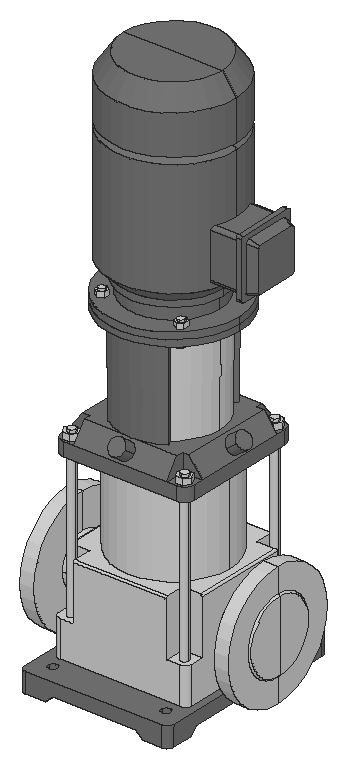
Revit family "TESK_Насос вертикальный_SVM(T)-32", category Оборудование, Revit 2019
Family settings
  Размер круглого соединителя = Использовать диаметр
  Классификация = Насос
  Тип детали = Вставляется
  На основе рабочей плоскости = Нет
  Всегда вертикально = Да
  При загрузке вырезать с полостями = Нет
  Общий = Нет
  Точка расчета площади = Нет
Parameters (values of type "Загрузите каталог типоразмеров TXT")
  Толщина_ФланцаДвигателя = Двигатель_Высота * 0.03  # 9.99 mm
  Таблица_Поиска = "TESK_SVM(T)-32"  # constant formula
  Производитель_Контакты = "info@teskpump.ru"
  Напор максимальный = 0
  Материал_КорпусУлитка = TESK_Нержавеющая сталь
  Материал_КорпусДвигателя = TESK_Черный_Ребра_Условный
  Материал_2 = TESK_Нержавеющая сталь
  Материал_1 = TESK_Черный_Условный
  Высота_Башня = size_lookup(Таблица_Поиска, "A5", 180 mm, ADSK_Марка)  # 180 mm
  Высота_Корпуса = size_lookup(Таблица_Поиска, "A1", 505 mm, ADSK_Марка)  # 505 mm
  Watermark [instance] = "Модели защищены уникальным кодом"
  URL = "www.teskpump.ru"
  D_Башня = Двигатель_Ширина * 0.75  # 142.5 mm
  ADSK_Свободный напор жидкости [instance] = 0.0 Pa
  ADSK_Расход жидкости [instance] = 0.0 L/s
  ADSK_Полная мощность = ADSK_Номинальная мощность * ADSK_Коэффициент мощности  # 0 kVA
  ADSK_Номинальная мощность = size_lookup(Таблица_Поиска, "Pow", 0 kW, ADSK_Марка)  # 0 kW
  ADSK_Напряжение = 400 V
  ADSK_Наименование краткое = "Вертикальный многоступенчатый центробежный насос"  # constant formula
  ADSK_Наименование = size_lookup(Таблица_Поиска, "Name", "Не найдено: Насос TESK SVM(T)-32", ADSK_Марка)  # "Не найдено: Насос TESK SVM(T)-32"
  ADSK_Масса_Текст = size_lookup(Таблица_Поиска, "mass_t", "Не найдено: Насос TESK SVM(T)-32", ADSK_Марка)  # "Не найдено: Насос TESK SVM(T)-32"
  ADSK_Масса = size_lookup(Таблица_Поиска, "mass", 0, ADSK_Марка)  # 0
  ADSK_Марка = "Загрузите каталог типоразмеров TXT"
  ADSK_Коэффициент мощности = 1
  ADSK_Количество фаз числовое = ADSK_Количество фаз  # 3
  ADSK_Количество фаз = if(ADSK_Напряжение = 230 V, 1, 3)  # 3
  ADSK_Количество = 1  # constant formula
  ADSK_Код изделия = size_lookup(Таблица_Поиска, "code", "Не найдено: Насос TESK SVM(T)-32", ADSK_Марка)  # "Не найдено: Насос TESK SVM(T)-32"
  ADSK_Классификация нагрузок = Прочее
  ADSK_Завод-изготовитель = "TESK"  # constant formula
  ADSK_Единица измерения = "шт."  # constant formula
  ADSK_Диаметр условный = 65 mm  # constant formula
  ADSK_Версия семейства = "1.0"  # constant formula
  ADSK_Версия Revit = "2019"  # constant formula
  Фланец_Толщина = 24 mm  # constant formula
  УГО_Длина = 320 mm  # constant formula
  Двигатель_Ширина = size_lookup(Таблица_Поиска, "A3", 190 mm, ADSK_Марка)  # 190 mm
  Двигатель_ОтступКоробки = size_lookup(Таблица_Поиска, "A4", 155 mm, ADSK_Марка)  # 155 mm
  Двигатель_Высота = size_lookup(Таблица_Поиска, "A2", 333 mm, ADSK_Марка)  # 333 mm
Reference planes
  plane 1 "По центру (Вперед/Назад)": y = 0
  plane 2: z = 0
  plane 3 "По центру (Влево/Вправо)": x = 0
  plane 4: x = -160
  plane 5: x = 160
  plane 6: x = -136
  plane 7: x = 136
  plane 8: z = -105
  plane 9: z = 400
  plane 10: z = 220
  plane 11: z = 200
  plane 12: x = -100
  plane 13: y = 100
  plane 14: x = 100
  plane 15: y = -100
  plane 16: x = -85
  plane 17: x = 85
  plane 18: y = -85
  plane 19: y = 85
  plane 20: z = 232
  plane 21: z = -75
  plane 22: x = -112.5
  plane 23: x = 112.5
  plane 24: y = -149
  plane 25: y = 149
  plane 26: z = -95
  plane 27: x = -73
  plane 28: x = 73
  plane 29: y = -149
  plane 30: y = 149
  plane 31: x = -112.5
  plane 32: x = 112.5
  plane 33: y = -108
  plane 34: y = 108
  plane 35: z = -95
  plane 36: x = -85
  plane 37: x = 85
  plane 38: y = -120
  plane 39: y = 120
  plane 40: z = 65
  plane 41: x = -100
  plane 42: x = 100
  plane 43: y = -100
  plane 44: y = 100
  plane 45: x = -97
  plane 46: z = 62
  plane 47: x = -100
  plane 48: x = -100
  plane 49: x = 100
  plane 50: y = -100
  plane 51: y = 100
  plane 52: x = -70
  plane 53: x = 70
  plane 54: y = -70
  plane 55: y = 70
  plane 56: z = -20
  plane 57: x = -85
  plane 58: x = 85
  plane 59: y = -85
  plane 60: y = 85
  plane 61: x = -100
  plane 62: x = 100
  plane 63: y = -100
  plane 64: y = 100
  plane 65: x = -80
  plane 66: x = 80
  plane 67: y = -80
  plane 68: y = 80
  plane 69: z = 247
  plane 70: z = 390.01
  plane 71: x = -70
  plane 72: x = -71.25
  plane 73: x = 71.25
  plane 74: x = -80
  plane 75: x = -81.25
  plane 76: x = 70
  plane 77: x = 71.25
  plane 78: x = -71.25
  plane 79: x = 80
  plane 80: x = 81.25
Forms (mm)
  Extrusion 1, solid, material "TESK_Нержавеющая сталь" <- "Материал_КорпусУлитка", detail levels fine
    sketch origin (0, 0, 0) x (0, 1, 0) y (0, 0, 1)
      loop
        circle (0, 0) r 40
    from -136 to 136
  Extrusion 2, solid, material "TESK_Черный_Условный" <- "Материал_1", detail levels fine
    sketch origin (0, 0, 0) x (1, 0, 0) y (0, 1, 0)
      loop
        line (-100, 85) -> (-100, -85)
        arc (-100, -85) -> (-95.607, -95.607) -> (-85, -100) r 15
        line (-85, -100) -> (85, -100)
        arc (85, -100) -> (95.607, -95.607) -> (100, -85) r 15
        line (100, -85) -> (100, 85)
        arc (100, 85) -> (95.607, 95.607) -> (85, 100) r 15
        line (85, 100) -> (-85, 100)
        arc (-85, 100) -> (-95.607, 95.607) -> (-100, 85) r 15
    from 200 to 220
  Extrusion 3, solid, material "TESK_Нержавеющая сталь" <- "Материал_2", detail levels fine
    sketch origin (0, 0, 0) x (1, 0, 0) y (0, 1, 0)
      loop
        circle (-85, 85) r 6
      loop
        circle (85, 85) r 6
      loop
        circle (-85, -85) r 6
      loop
        circle (85, -85) r 6
    from -20 to 232
  Extrusion 4, solid, material "TESK_Черный_Условный" <- "Материал_1", detail levels fine
    sketch origin (0, 0, 0) x (1, 0, 0) y (0, 1, 0)
      loop
        line (-112.5, 139) -> (-112.5, -139)
        arc (-112.5, -139) -> (-109.571, -146.071) -> (-102.5, -149) r 10
        line (-102.5, -149) -> (102.5, -149)
        arc (102.5, -149) -> (109.571, -146.071) -> (112.5, -139) r 10
        line (112.5, -139) -> (112.5, 139)
        arc (112.5, 139) -> (109.571, 146.071) -> (102.5, 149) r 10
        line (102.5, 149) -> (-102.5, 149)
        arc (-102.5, 149) -> (-109.571, 146.071) -> (-112.5, 139) r 10
    from -105 to -75
  Extrusion 5, void
    sketch origin (0, 0, 0) x (1, 0, 0) y (0, 0, 1)
      loop
        line (-63, -95) -> (-73, -105) -> (73, -105) -> (63, -95) -> (-63, -95)
    from -149 to 149
  Extrusion 6, void
    sketch origin (0, 0, 0) x (0, 1, 0) y (0, 0, 1)
      loop
        line (-98, -95) -> (-108, -105) -> (108, -105) -> (98, -95) -> (-98, -95)
    from -112.5 to 112.5
  Extrusion 7, void
    sketch origin (0, 0, 0) x (1, 0, 0) y (0, 1, 0)
      loop
        circle (-85, 120) r 7
      loop
        circle (85, 120) r 7
      loop
        circle (85, -120) r 7
      loop
        circle (-85, -120) r 7
    from -75 to -105
  Extrusion 8, solid, material "TESK_Нержавеющая сталь" <- "Материал_КорпусУлитка", detail levels fine
    sketch origin (0, 0, 0) x (1, 0, 0) y (0, 1, 0)
      loop
        arc (-90, 100) -> (-97.071, 97.071) -> (-100, 90) r 10
        line (-100, 90) -> (-100, -90)
        arc (-100, -90) -> (-97.071, -97.071) -> (-90, -100) r 10
        line (-90, -100) -> (90, -100)
        arc (90, -100) -> (97.071, -97.071) -> (100, -90) r 10
        line (100, -90) -> (100, 90)
        arc (100, 90) -> (97.071, 97.071) -> (90, 100) r 10
        line (90, 100) -> (-90, 100)
    from -75 to 65
  Sweep 9, void
    path in 3D
      loop
        arc (-100, -90, 65) -> (-97.071, -97.071, 65) -> (-90, -100, 65) r 10
        line (-90, -100, 65) -> (90, -100, 65)
        arc (90, -100, 65) -> (97.071, -97.071, 65) -> (100, -90, 65) r 10
        line (100, -90, 65) -> (100, 90, 65)
        arc (100, 90, 65) -> (97.071, 97.071, 65) -> (90, 100, 65) r 10
        line (90, 100, 65) -> (-90, 100, 65)
        arc (-90, 100, 65) -> (-97.071, 97.071, 65) -> (-100, 90, 65) r 10
        line (-100, 90, 65) -> (-100, -90, 65)
    profile origin (-100, 0, 65) x (1, 0, 0) y (0, 0, 1)
      loop
        line (0, 0) -> (0, -3)
        arc (0, -3) -> (0.879, -0.879) -> (3, 0) r 3
        line (3, 0) -> (0, 0)
  Extrusion 10, void
    sketch origin (0, 0, 0) x (1, 0, 0) y (0, 1, 0)
      loop
        line (-100, 70) -> (-70, 70) -> (-70, 100) -> (-100, 100) -> (-100, 70)
      loop
        line (70, 70) -> (100, 70) -> (100, 100) -> (70, 100) -> (70, 70)
      loop
        line (-100, -70) -> (-100, -100) -> (-70, -100) -> (-70, -70) -> (-100, -70)
      loop
        line (70, -70) -> (70, -100) -> (100, -100) -> (100, -70) -> (70, -70)
    from -20 to 247
  Extrusion 11, solid, material "TESK_Нержавеющая сталь" <- "Материал_2", detail levels fine
    sketch origin (0, 0, 0) x (1, 0, 0) y (0, 1, 0)
      loop
        circle (0, 0) r 85
    from 65 to 200
  Blend 12, solid, material "TESK_Черный_Условный" <- "Материал_1", detail levels fine
    base sketch origin (0, 0, 0) x (1, 0, 0) y (0, 1, 0)
      loop
        line (-100, 100) -> (-100, -100) -> (100, -100) -> (100, 100) -> (-100, 100)
    top sketch origin (0, 0, 0) x (1, 0, 0) y (0, 1, 0)
      loop
        line (-80, 80) -> (-80, -80) -> (80, -80) -> (80, 80) -> (-80, 80)
    from 220 to 247
  Blend 13, solid, material "TESK_Нержавеющая сталь" <- "Материал_2", detail levels fine
    base sketch origin (0, 0, 0) x (1, 0, 0) y (0, 1, 0)
      loop
        circle (0, 0) r 70
    top sketch origin (0, 0, 0) x (1, 0, 0) y (0, 1, 0)
      loop
        circle (0, 0) r 71.25
    from 247 to 390.01
  Revolve 14, solid, material "TESK_Черный_Условный" <- "Материал_1", detail levels fine
    sketch origin (0, 0, 0) x (1, 0, 0) y (0, 0, 1)
      loop
        line (-81.25, 390.01) -> (-80, 247) -> (-70, 247) -> (-71.25, 390.01) -> (-81.25, 390.01)
      axis (0, 247) -> (0, 390.01)
    angle from 125 to 55
  Revolve 15, solid, material "TESK_Черный_Условный" <- "Материал_1", detail levels fine
    sketch origin (0, 0, 0) x (-1, 0, 0) y (0, 0, 1)
      loop
        line (-81.25, 390.01) -> (-80, 247) -> (-70, 247) -> (-71.25, 390.01) -> (-81.25, 390.01)
      axis (0, 247) -> (0, 390.01)
    angle from -125 to -55
Cuts and joins
  Extrusion 5, Extrusion 6, Extrusion 7 cuts Extrusion 4
  Sweep 9, Extrusion 10 cuts Extrusion 8
  Extrusion 10 cuts Blend 12
Lines and regions (mm)
  sketch lines
    curve 1: line (-100, 90, 65) -> (-100, -90, 65)
    curve 2: arc (-100, 90, 65) -> (-97.071, 97.071, 65) -> (-90, 100, 65) r 10
    curve 3: line (90, 100, 65) -> (-90, 100, 65)
    curve 4: arc (90, 100, 65) -> (97.071, 97.071, 65) -> (100, 90, 65) r 10
    curve 5: line (100, -90, 65) -> (100, 90, 65)
    curve 6: arc (100, -90, 65) -> (97.071, -97.071, 65) -> (90, -100, 65) r 10
    curve 7: line (-90, -100, 65) -> (90, -100, 65)
    curve 8: arc (-90, -100, 65) -> (-97.071, -97.071, 65) -> (-100, -90, 65) r 10
Dimensions and locks
  locked: plane 3 "По центру (Влево/Вправо)" to plane 4 at 160
  locked: plane 5 to plane 3 "По центру (Влево/Вправо)" at 160
  "Фланец_Толщина": plane 6 to plane 4
  "Фланец_Толщина": plane 5 to plane 7
  locked: plane 2 to plane 8 at 105
  "Высота_Корпуса": plane 9 to plane 8
  "Высота_Башня": plane 9 to plane 10
  locked: plane 10 to plane 11 at 20
  equal spacing: plane 12, plane 3 "По центру (Влево/Вправо)", plane 14
  equal spacing: plane 13, plane 1 "По центру (Вперед/Назад)", plane 15
  locked: plane 15 to plane 1 "По центру (Вперед/Назад)" at 100
  locked: plane 12 to plane 3 "По центру (Влево/Вправо)" at 100
  equal spacing: plane 16, plane 3 "По центру (Влево/Вправо)", plane 17
  locked: plane 16 to plane 3 "По центру (Влево/Вправо)" at 85
  equal spacing: plane 19, plane 1 "По центру (Вперед/Назад)", plane 18
  locked: plane 19 to plane 1 "По центру (Вперед/Назад)" at 85
  locked: plane 20 to plane 10 at 12
  locked: plane 21 to plane 8 at 30
  equal spacing: plane 22, plane 3 "По центру (Влево/Вправо)", plane 23
  locked: plane 22 to plane 3 "По центру (Влево/Вправо)" at 112.5
  equal spacing: plane 25, plane 1 "По центру (Вперед/Назад)", plane 24
  locked: plane 25 to plane 1 "По центру (Вперед/Назад)" at 149
  locked: plane 26 to plane 8 at 10
  equal spacing: plane 28, plane 3 "По центру (Влево/Вправо)", plane 27
  locked: plane 3 "По центру (Влево/Вправо)" to plane 27 at 73
  equal spacing: plane 29, plane 1 "По центру (Вперед/Назад)", plane 30
  locked: plane 29 to plane 1 "По центру (Вперед/Назад)" at 149
  equal spacing: plane 32, plane 3 "По центру (Влево/Вправо)", plane 31
  locked: plane 3 "По центру (Влево/Вправо)" to plane 31 at 112.5
  equal spacing: plane 33, plane 1 "По центру (Вперед/Назад)", plane 34
  locked: plane 33 to plane 1 "По центру (Вперед/Назад)" at 108
  locked: plane 35 to plane 8 at 10
  equal spacing: plane 36, plane 3 "По центру (Влево/Вправо)", plane 37
  equal spacing: plane 39, plane 1 "По центру (Вперед/Назад)", plane 38
  locked: plane 39 to plane 1 "По центру (Вперед/Назад)" at 120
  locked: plane 3 "По центру (Влево/Вправо)" to plane 37 at 85
  locked: plane 40 to plane 21 at 140
  equal spacing: plane 41, plane 3 "По центру (Влево/Вправо)", plane 42
  equal spacing: plane 44, plane 1 "По центру (Вперед/Назад)", plane 43
  locked: plane 43 to plane 1 "По центру (Вперед/Назад)" at 100
  locked: plane 3 "По центру (Влево/Вправо)" to plane 42 at 100
  locked: plane 3 "По центру (Влево/Вправо)" to plane 47 at 100
  locked: plane 45 to plane 47 at 3
  locked: plane 40 to plane 46 at 3
  equal spacing: plane 51, plane 1 "По центру (Вперед/Назад)", plane 50
  equal spacing: plane 48, plane 3 "По центру (Влево/Вправо)", plane 49
  locked: plane 48 to plane 3 "По центру (Влево/Вправо)" at 100
  locked: plane 51 to plane 1 "По центру (Вперед/Назад)" at 100
  locked: plane 51 to plane 55 at 30
  locked: plane 54 to plane 50 at 30
  locked: plane 48 to plane 52 at 30
  locked: plane 53 to plane 49 at 30
  locked: plane 2 to plane 56 at 20
  equal spacing: plane 60, plane 1 "По центру (Вперед/Назад)", plane 59
  locked: plane 60 to plane 1 "По центру (Вперед/Назад)" at 85
  equal spacing: plane 57, plane 3 "По центру (Влево/Вправо)", plane 58
  locked: plane 3 "По центру (Влево/Вправо)" to plane 58 at 85
  equal spacing: plane 64, plane 1 "По центру (Вперед/Назад)", plane 63
  equal spacing: plane 61, plane 3 "По центру (Влево/Вправо)", plane 62
  locked: plane 61 to plane 3 "По центру (Влево/Вправо)" at 100
  locked: plane 1 "По центру (Вперед/Назад)" to plane 64 at 100
  equal spacing: plane 65, plane 3 "По центру (Влево/Вправо)", plane 66
  equal spacing: plane 68, plane 1 "По центру (Вперед/Назад)", plane 67
  locked: plane 1 "По центру (Вперед/Назад)" to plane 68 at 80
  locked: plane 65 to plane 3 "По центру (Влево/Вправо)" at 80
  locked: plane 69 to plane 10 at 27
  "Толщина_ФланцаДвигателя": plane 9 to plane 70
  equal spacing: plane 73, plane 3 "По центру (Влево/Вправо)", plane 72
  "D_Башня": plane 73 to plane 72
  locked: plane 3 "По центру (Влево/Вправо)" to plane 71 at 70
  locked: plane 72 to plane 75 at 10
  locked: plane 71 to plane 74 at 10
  "D_Башня": plane 78 to plane 77
  locked: plane 77 to plane 80 at 10
  locked: plane 76 to plane 79 at 10
  equal spacing: plane 78, plane 3 "По центру (Влево/Вправо)", plane 77
  locked: plane 76 to plane 3 "По центру (Влево/Вправо)" at 70
  diameter of Extrusion 1 sketch curve = 80 mm
  radius of Extrusion 2 sketch curve = 15 mm  (x4)
  diameter of Extrusion 3 sketch curve = 12 mm  (x4)
  radius of Extrusion 4 sketch curve = 10 mm  (x4)
  diameter of Extrusion 7 sketch curve = 14 mm  (x4)
  radius of Extrusion 8 sketch curve = 10 mm  (x4)
  radius of Sweep 9 sketch curve = 3 mm
  diameter of Blend 13 sketch curve = 140 mm
  "D_Башня": diameter of Blend 13 sketch curve
  diameter of Extrusion 11 sketch curve = 170 mm
  locked: Extrusion 5 sketch curve to plane 27 (angle 45.00°)
  locked: plane 28 to Extrusion 5 sketch curve (angle 45.00°)
  locked: Extrusion 6 sketch curve to plane 33 (angle 45.00°)
  locked: plane 34 to Extrusion 6 sketch curve (angle 45.00°)
  aligned and locked: level to plane 2
  aligned and locked: plane 1 "По центру (Вперед/Назад)" to nested 1
  aligned and locked: nested 2 to plane 1 "По центру (Вперед/Назад)"
  aligned and locked: plane 4 to nested 1
  aligned and locked: nested 2 to plane 5
  aligned and locked: Extrusion 1 to plane 6
  aligned and locked: plane 7 to Extrusion 1
  aligned and locked: Extrusion 2 sketch curve to plane 12
  aligned and locked: Extrusion 2 sketch curve to plane 13
  aligned and locked: Extrusion 2 sketch curve to plane 14
  aligned and locked: Extrusion 2 sketch curve to plane 15
  aligned and locked: plane 10 to Extrusion 2
  aligned and locked: Extrusion 2 to plane 11
  aligned and locked: plane 19 to Extrusion 3 sketch curve  (x2)
  aligned and locked: plane 16 to Extrusion 3 sketch curve  (x2)
  aligned and locked: plane 17 to Extrusion 3 sketch curve  (x2)
  aligned and locked: plane 18 to Extrusion 3 sketch curve  (x2)
  aligned and locked: plane 20 to Extrusion 3
  aligned and locked: plane 3 "По центру (Влево/Вправо)" to nested 3
  aligned and locked: plane 1 "По центру (Вперед/Назад)" to nested 3
  aligned and locked: plane 9 to nested 3
  aligned and locked: Extrusion 4 sketch curve to plane 22
  aligned and locked: Extrusion 4 sketch curve to plane 25
  aligned and locked: Extrusion 4 sketch curve to plane 23
  aligned and locked: Extrusion 4 sketch curve to plane 24
  aligned and locked: plane 21 to Extrusion 4
  aligned and locked: Extrusion 4 to plane 8
  aligned and locked: Extrusion 5 sketch curve to plane 26
  aligned and locked: plane 27 to Extrusion 5 sketch curve
  aligned and locked: Extrusion 5 sketch curve to plane 8
  aligned and locked: plane 28 to Extrusion 5 sketch curve
  aligned and locked: plane 8 to Extrusion 5 sketch curve
  aligned and locked: Extrusion 5 to plane 29
  aligned and locked: plane 30 to Extrusion 5
  aligned and locked: Extrusion 6 sketch curve to plane 35
  aligned and locked: Extrusion 6 sketch curve to plane 8
  aligned and locked: plane 34 to Extrusion 6 sketch curve
  aligned and locked: plane 8 to Extrusion 6 sketch curve
  aligned and locked: plane 33 to Extrusion 6 sketch curve
  aligned and locked: Extrusion 6 to plane 31
  aligned and locked: plane 32 to Extrusion 6
  aligned and locked: plane 39 to Extrusion 7 sketch curve  (x2)
  aligned and locked: plane 36 to Extrusion 7 sketch curve  (x2)
  aligned and locked: plane 37 to Extrusion 7 sketch curve  (x2)
  aligned and locked: plane 38 to Extrusion 7 sketch curve  (x2)
  aligned and locked: Extrusion 7 to plane 21
  aligned and locked: Extrusion 7 to plane 8
  aligned and locked: Extrusion 8 sketch curve to plane 44
  aligned and locked: Extrusion 8 sketch curve to plane 41
  aligned and locked: Extrusion 8 sketch curve to plane 42
  aligned and locked: Extrusion 8 sketch curve to plane 43
  aligned and locked: Extrusion 8 to plane 21
  aligned and locked: plane 40 to Extrusion 8
  aligned and locked: Sweep 9 sketch curve to plane 47
  aligned and locked: Sweep 9 sketch curve to plane 40
  aligned and locked: Extrusion 10 sketch curve to plane 55  (x2)
  aligned and locked: Extrusion 10 sketch curve to plane 48
  aligned and locked: Extrusion 10 sketch curve to plane 51  (x2)
  aligned and locked: Extrusion 10 sketch curve to plane 52
  aligned and locked: Extrusion 10 sketch curve to plane 53
  aligned and locked: Extrusion 10 sketch curve to plane 49
  aligned and locked: plane 48 to Extrusion 10 sketch curve
  aligned and locked: Extrusion 10 sketch curve to plane 50  (x2)
  aligned and locked: plane 52 to Extrusion 10 sketch curve
  aligned and locked: Extrusion 10 sketch curve to plane 54  (x2)
  aligned and locked: plane 53 to Extrusion 10 sketch curve
  aligned and locked: plane 49 to Extrusion 10 sketch curve
  aligned and locked: Extrusion 10 to plane 56
  aligned and locked: Extrusion 11 to plane 40
  aligned and locked: plane 11 to Extrusion 11
  aligned and locked: nested 4 to plane 10
  aligned and locked: nested 4 to plane 57
  aligned and locked: plane 59 to nested 4
  aligned and locked: Extrusion 3 to plane 56
  aligned and locked: nested 5 to plane 58
  aligned and locked: nested 5 to plane 59
  aligned and locked: plane 58 to nested 7
  aligned and locked: nested 7 to plane 60
  aligned and locked: plane 57 to nested 6
  aligned and locked: plane 60 to nested 6
  aligned and locked: plane 10 to nested 5
  aligned and locked: nested 7 to plane 10
  aligned and locked: plane 10 to nested 6
  aligned and locked: Blend 12 sketch curve to plane 61
  aligned and locked: Blend 12 sketch curve to plane 64
  aligned and locked: Blend 12 sketch curve to plane 63
  aligned and locked: Blend 12 sketch curve to plane 62
  aligned and locked: Blend 12 sketch curve to plane 68
  aligned and locked: Blend 12 sketch curve to plane 65
  aligned and locked: Blend 12 sketch curve to plane 66
  aligned and locked: Blend 12 sketch curve to plane 67
  aligned and locked: Blend 12 to plane 10
  aligned and locked: plane 69 to Extrusion 10
  aligned and locked: plane 69 to Blend 12
  aligned and locked: plane 3 "По центру (Влево/Вправо)" to Blend 13 sketch curve  (x2)
  aligned and locked: plane 1 "По центру (Вперед/Назад)" to Blend 13 sketch curve  (x2)
  aligned and locked: Blend 13 to plane 69
  aligned and locked: plane 70 to Blend 13
  aligned and locked: plane 3 "По центру (Влево/Вправо)" to Revolve 14 sketch curve
  aligned and locked: Revolve 14 sketch curve to plane 70
  aligned and locked: Revolve 14 sketch curve to plane 69
  aligned and locked: plane 74 to Revolve 14 sketch curve
  aligned and locked: plane 71 to Revolve 14 sketch curve
  aligned and locked: plane 75 to Revolve 14 sketch curve
  aligned and locked: plane 72 to Revolve 14 sketch curve
  aligned and locked: plane 69 to Revolve 15 sketch curve
  aligned and locked: plane 79 to Revolve 15 sketch curve
  aligned and locked: plane 76 to Revolve 15 sketch curve
  aligned and locked: plane 70 to Revolve 15 sketch curve
  aligned and locked: plane 80 to Revolve 15 sketch curve
  aligned and locked: plane 77 to Revolve 15 sketch curve
  aligned and locked: plane 3 "По центру (Влево/Вправо)" to Revolve 15 sketch curve
  aligned and locked: nested 8 to plane 1 "По центру (Вперед/Назад)"
  aligned and locked: nested 8 to plane 3 "По центру (Влево/Вправо)"
  aligned and locked: nested 9 to plane 1 "По центру (Вперед/Назад)"
  aligned and locked: plane 2 to nested 9
  aligned and locked: nested 9 to plane 3 "По центру (Влево/Вправо)"
  aligned and locked: plane 3 "По центру (Влево/Вправо)" to Extrusion 11 sketch curve
  aligned and locked: plane 1 "По центру (Вперед/Назад)" to Extrusion 11 sketch curve
  aligned and locked: plane 3 "По центру (Влево/Вправо)" to nested 10
  aligned and locked: nested 11 to plane 1 "По центру (Вперед/Назад)"
Automatic sketch dimensions
  Extrusion 1 sketch curve to level = 0 mm
  Extrusion 1 sketch curve to plane 1 "По центру (Вперед/Назад)" = 0 mm
  profile plane to Sweep 9 sketch curve = 0 mm
  Sweep 9 sketch curve to plane 45 = 0 mm
  Sweep 9 sketch curve to plane 46 = 0 mm  (x2)
  plane 69 to Revolve 14 sketch curve = 50 mm
  Revolve 14 sketch curve to plane 70 = 33.01 mm
  Revolve 15 sketch curve to plane 69 = 50 mm
  plane 70 to Revolve 15 sketch curve = 33.01 mm
Nested families
  nested 1: "Фланец_Круглый" at (-136, 0, 0), Толщина_Фланца <- "Фланец_Толщина", ADSK_Материал <- "Материал_КорпусУлитка", type "Фланец_Круглый", detail levels fine
    with Толщина_Фланца 24 mm, Толщина_Зеркала 3 mm, Dнар_Фланца 185 mm, D_Зеркала 107 mm, ADSK_Материал TESK_Нержавеющая сталь
  nested 2: "Фланец_Круглый" at (136, 0, 0) x (-1, 0, 0) z (0, 0, 1), Толщина_Фланца <- "Фланец_Толщина", ADSK_Материал <- "Материал_КорпусУлитка", type "Фланец_Круглый", detail levels fine
    with Толщина_Фланца 24 mm, Толщина_Зеркала 3 mm, Dнар_Фланца 185 mm, D_Зеркала 107 mm, ADSK_Материал TESK_Нержавеющая сталь
  nested 3: "Электродвигатель" at (0, 0, 400), Материал_Метизы <- "Материал_2", Материал_Основной <- "Материал_1", Материал_Ребра <- "Материал_КорпусДвигателя", Высота_Двигателя <- "Двигатель_Высота", Отступ_Коробка <- "Двигатель_ОтступКоробки", Ширина_Двигателя <- "Двигатель_Ширина", type "Электродвигатель", detail levels fine
    with Ширина_Коробки 77.5 mm, Ширина_Двигателя 190 mm, Толщина_ШляпкаБолта 5.985 mm, Толщина_Фланца 9.99 mm, Толщина_КрышкаКоробки 23.25 mm, Толщина_Гайки 7.481 mm, Отступ_Коробка 155 mm, Материал_Ребра TESK_Черный_Ребра_Условный, Материал_Основной TESK_Черный_Условный, Материал_Метизы TESK_Нержавеющая сталь, Коробка_Начало 66.6 mm, Длина_МеждуБолтами 119.7 mm, Выступ_КрышкаКоробки 6.2 mm, Высота_Двигателя 333 mm, Вылет_Болтов 9.726 mm, r2 76 mm, r1 70.3 mm, l3 3.1 mm, l2 5.425 mm, l1 5.425 mm, h6 19 mm, h5 29.97 mm, h4 99.9 mm, h3 89.91 mm, h2 29.97 mm, h1 19.98 mm, S_Метизы 14.963 mm, R_Верхушка 9.99 mm, R_2 3.1 mm, R_1 5.425 mm, D_Фланец 199.5 mm, D_Болты 9.975 mm
  nested 4: "Гайка_Условная" at (-85, -85, 220) x (-1, 0, 0) z (0, 0, 1), Материал1 <- "Материал_2", type "Гайка_Условная", detail levels fine
    with Толщина_Гайка 9 mm, Материал1 TESK_Нержавеющая сталь, S_Гайка 20 mm, D_Вн 12 mm
  nested 5: "Гайка_Условная" at (85, -85, 220), Материал1 <- "Материал_2", type "Гайка_Условная", detail levels fine
    with Толщина_Гайка 9 mm, Материал1 TESK_Нержавеющая сталь, S_Гайка 20 mm, D_Вн 12 mm
  nested 6: "Гайка_Условная" at (-85, 85, 220) x (-1, 0, 0) z (0, 0, 1), Материал1 <- "Материал_2", type "Гайка_Условная", detail levels fine
    with Толщина_Гайка 9 mm, Материал1 TESK_Нержавеющая сталь, S_Гайка 20 mm, D_Вн 12 mm
  nested 7: "Гайка_Условная" at (85, 85, 220), Материал1 <- "Материал_2", type "Гайка_Условная", detail levels fine
    with Толщина_Гайка 9 mm, Материал1 TESK_Нержавеющая сталь, S_Гайка 20 mm, D_Вн 12 mm
  nested 8: "Вл_УГО_Насос_2D" at (0, 0, 0) x (-1, 0, 0) z (0, 0, 1), L_УГО <- "УГО_Длина", type "Вл_УГО_Насос_2D", detail levels coarse+medium
    with L_УГО 320 mm
  nested 9: "Вл_УГО_Насос_3D" at (0, 0, 0) x (-1, 0, 0) z (0, -1, 0), L_УГО <- "УГО_Длина", type "Вл_УГО_Насос_3D", detail levels coarse+medium
    with L_УГО 320 mm
  nested 10: "Бобышка_Условная" at (0, -90, 233.5) x (1, 0, 0) z (0, -0.8036, 0.5952), Материал <- "Материал_1", type "Бобышка_Условная", detail levels fine
    with Материал TESK_Черный_Условный, Длина 20 mm, Диаметр 25.3 mm
  nested 11: "Бобышка_Условная" at (90, 0, 233.5) x (0, 1, 0) z (0.8036, 0, 0.5952), Материал <- "Материал_1", type "Бобышка_Условная", detail levels fine
    with Материал TESK_Черный_Условный, Длина 20 mm, Диаметр 25.3 mm
Connectors
  electrical at (0, 0, 643.09), driven by "ADSK_Количество фаз", driven by "ADSK_Классификация нагрузок", driven by "ADSK_Напряжение", driven by "ADSK_Полная мощность", driven by "ADSK_Коэффициент мощности"
    settings: on nested 3, index 1, voltage 400 V, apparent load 0 kVA, apparent load phase1 0 kVA, apparent load phase2 0 kVA, apparent load phase3 0 kVA, power factor 1, load classification "Прочее", number of poles 3, system type 30, power factor state 1, is connector primary yes, connector utility no, sub classification motor no, connector description ""
  piping at (-160, 0, 0), diameter 65, driven by "ADSK_Диаметр условный", driven by "ADSK_Расход жидкости"
    settings: on nested 1, index 2, connector inside diameter 609.6 mm, connector length 0 mm, flow factor 0, pipe flow 0.0 L/s, pressure drop 0.0 Pa, fitting loss kfactor 0, connector angle 0.00°, fixture units 0, engagement length 0 mm, angle of deflection 0.00°, flow configuration 0, flow direction 1, fitting loss method 0, system type 29, joint type 0, gender type 0, connector reference index -1, connector utility 0, adjustable connector no, is connector primary yes, connector description ""
  piping at (160, 0, 0), diameter 65, driven by "ADSK_Диаметр условный", driven by "ADSK_Расход жидкости"
    settings: on nested 2, index 3, connector inside diameter 609.6 mm, connector length 0 mm, flow factor 0, pipe flow 0.0 L/s, pressure drop 0.0 Pa, fitting loss kfactor 0, connector angle 0.00°, fixture units 0, engagement length 0 mm, angle of deflection 0.00°, flow configuration 0, flow direction 2, fitting loss method 0, system type 29, joint type 0, gender type 0, connector reference index -1, connector utility 0, adjustable connector no, is connector primary no, connector description ""
Definition of nested family "Фланец_Круглый"
  Parameters (values of type "Фланец_Круглый")
    Толщина_Фланца [instance] = 30 mm
    Толщина_Зеркала [instance] = 2 mm
    Dнар_Фланца [instance] = 200 mm
    D_Зеркала [instance] = 90 mm
    ADSK_Материал [instance] = none
  Reference planes
    plane 1 "По центру (Вперед/Назад)": y = 0
    plane 2: z = 0
    plane 3 "По центру (Влево/Вправо)": x = 0
    plane 4: z = 100
    plane 5: z = -100
    plane 6: x = -30
    plane 7: x = -28
    plane 8: z = 45
    plane 9: z = -45
  Forms (mm)
    Revolve 1, solid, material <- "ADSK_Материал"
      sketch origin (0, 0, 0) x (1, 0, 0) y (0, 0, 1)
        loop
          line (0, 100) -> (-28, 100) -> (-28, 0) -> (0, 0) -> (0, 100)
        axis (-28, 0) -> (0, 0)
      angle from 0 to 360
    Revolve 2, solid, material <- "ADSK_Материал"
      sketch origin (0, 0, 0) x (1, 0, 0) y (0, 0, 1)
        loop
          line (-28, 47) -> (-30, 45) -> (-30, 0) -> (-28, 0) -> (-28, 47)
        axis (-30, 0) -> (-28, 0)
      angle from 0 to 360
  Cuts and joins
    joined: Revolve 1, Revolve 2
  Dimensions and locks
    equal spacing: plane 4, plane 2, plane 5
    "Dнар_Фланца": plane 4 to plane 5
    "Толщина_Фланца": plane 3 "По центру (Влево/Вправо)" to plane 6
    "Толщина_Зеркала": plane 7 to plane 6
    equal spacing: plane 8, plane 2, plane 9
    "D_Зеркала": plane 8 to plane 9
    locked: Revolve 2 sketch curve to plane 6 (angle 45.00°)
    aligned and locked: level to plane 2
    aligned and locked: Revolve 1 sketch curve to plane 2  (x2)
    aligned and locked: Revolve 1 sketch curve to plane 3 "По центру (Влево/Вправо)"
    aligned and locked: Revolve 1 sketch curve to plane 7
    aligned and locked: Revolve 1 sketch curve to plane 4
    aligned and locked: Revolve 2 sketch curve to plane 2  (x2)
    aligned and locked: Revolve 2 sketch curve to plane 7
    aligned and locked: Revolve 2 sketch curve to plane 6
    aligned and locked: plane 8 to Revolve 2 sketch curve
  Automatic sketch dimensions
    plane 7 to Revolve 1 sketch curve = 5 mm
    Revolve 1 sketch curve to plane 3 "По центру (Влево/Вправо)" = 2 mm
    plane 7 to Revolve 2 sketch curve = 12.352 mm
    Revolve 2 sketch curve to plane 3 "По центру (Влево/Вправо)" = 5.648 mm
Definition of nested family "Электродвигатель"
  Parameters (values of type "Электродвигатель")
    Ширина_Коробки [instance] = Отступ_Коробка * 0.5  # 77.5 mm
    Ширина_Двигателя [instance] = 190 mm
    Толщина_ШляпкаБолта [instance] = S_Метизы * 0.4  # 5.985 mm
    Толщина_Фланца [instance] = Высота_Двигателя * 0.03  # 9.99 mm
    Толщина_КрышкаКоробки [instance] = Отступ_Коробка * 0.15  # 23.25 mm
    Толщина_Гайки [instance] = S_Метизы * 0.5  # 7.481 mm
    Материал_Ребра [instance] = none
    Материал_Основной [instance] = none
    Материал_Метизы [instance] = none
    Коробка_Начало [instance] = Высота_Двигателя * 0.2  # 66.6 mm
    Отступ_Коробка [instance] = 155 mm
    Длина_МеждуБолтами [instance] = D_Фланец * 0.6  # 119.7 mm
    Выступ_КрышкаКоробки [instance] = Ширина_Коробки * 0.08  # 6.2 mm
    Высота_Двигателя [instance] = 333 mm
    Вылет_Болтов [instance] = Толщина_Гайки * 1.3  # 9.726 mm
    r2 [instance] = Ширина_Двигателя * 0.4  # 76 mm
    r1 [instance] = Ширина_Двигателя * 0.37  # 70.3 mm
    l3 [instance] = Ширина_Коробки * 0.04  # 3.1 mm
    l2 [instance] = Ширина_Коробки * 0.07  # 5.425 mm
    l1 [instance] = Ширина_Коробки * 0.07  # 5.425 mm
    h6 [instance] = Ширина_Двигателя / 2 - r2  # 19 mm
    h5 [instance] = Высота_Двигателя * 0.09  # 29.97 mm
    h4 [instance] = Высота_Двигателя * 0.3  # 99.9 mm
    h3 [instance] = Высота_Двигателя * 0.27  # 89.91 mm
    h2 [instance] = Высота_Двигателя * 0.09  # 29.97 mm
    h1 [instance] = Высота_Двигателя * 0.06  # 19.98 mm
    S_Метизы [instance] = D_Болты * 1.5  # 14.962 mm
    R_Верхушка [instance] = h5 / 3  # 9.99 mm
    R_2 [instance] = Ширина_Коробки * 0.04  # 3.1 mm
    R_1 [instance] = Ширина_Коробки * 0.07  # 5.425 mm
    D_Фланец [instance] = Ширина_Двигателя * 1.05  # 199.5 mm
    D_Болты [instance] = D_Фланец * 0.05  # 9.975 mm
  Reference planes
    plane 1 "По центру (Вперед/Назад)": y = 0
    plane 2: z = 0
    plane 3 "По центру (Влево/Вправо)": x = 0
    plane 4: z = 333
    plane 5: x = -95
    plane 6: x = 95
    plane 7: x = 155
    plane 8: z = 9.99
    plane 9: z = -9.99
    plane 10: z = 29.97
    plane 11: z = 39.96
    plane 12: z = 303.03
    plane 13: x = -70.3
    plane 14: x = -76
    plane 15: z = 233.1
    plane 16: x = -93
    plane 17: z = 243.09
    plane 18: x = -69.018
    plane 19: z = 144.1
    plane 20: z = 66.6
    plane 21: y = -38.75
    plane 22: y = 38.75
    plane 23: x = 131.75
    plane 24: x = 139.5
    plane 25: x = 147.25
    plane 26: y = -44.95
    plane 27: z = 150.3
    plane 28: y = 44.95
    plane 29: z = 60.4
    plane 30: x = -59.85
    plane 31: x = 59.85
    plane 32: y = 59.85
    plane 33: y = -59.85
    plane 34: z = -15.975
    plane 35: z = 19.716
    plane 36: z = 72.025
    plane 37: z = 138.675
    plane 38: y = -33.325
    plane 39: y = 33.325
    plane 40: y = -33.325
    plane 41: z = 138.675
    plane 42: z = 72.025
    plane 43: y = 33.325
    plane 44: y = -30.225
    plane 45: z = 135.575
    plane 46: z = 75.125
    plane 47: y = 30.225
    plane 48: z = 17.471
    plane 49: z = 252.1
    plane 50: z = 39.96
    plane 51: x = -76
    plane 52: z = 233.1
    plane 53: z = 252.1
  Forms (mm)
    Revolve 1, solid, material <- "Материал_Основной"
      sketch origin (0, 0, 0) x (1, 0, 0) y (0, 0, 1)
        loop
          line (0, 39.96) -> (-76, 39.96) -> (-76, 29.97) -> (-70.3, 29.97) -> (-70.3, 9.99) -> (0, 9.99) -> (0, 39.96)
        loop
          line (-76, 303.03) -> (-76, 252.1) -> (0, 252.1) -> (0, 333) -> (-74.015, 333) -> (-95, 303.03) -> (-95, 243.09) -> (-93, 243.09) -> (-93, 303.03) -> (-76, 303.03)
        axis (0, 9.99) -> (0, 333)
      angle from 0 to 360
    Extrusion 2, solid, material <- "Материал_Основной"
      sketch origin (0, 0, 0) x (1, 0, 0) y (0, 1, 0)
        loop
          circle (0, 0) r 99.75
      from 0 to -9.99
    Extrusion 3, solid, material <- "Материал_Основной"
      sketch origin (0, 0, 0) x (1, 0, 0) y (0, 1, 0)
        loop
          circle (0, 0) r 99.75
      from 0 to 9.99
    Extrusion 4, solid, material <- "Материал_Основной"
      sketch origin (0, 0, 0) x (0, 1, 0) y (0, 0, 1)
        loop
          line (-38.75, 138.675) -> (-38.75, 72.025)
          arc (-38.75, 72.025) -> (-37.161, 68.189) -> (-33.325, 66.6) r 5.425
          line (-33.325, 66.6) -> (33.325, 66.6)
          arc (33.325, 66.6) -> (37.161, 68.189) -> (38.75, 72.025) r 5.425
          line (38.75, 72.025) -> (38.75, 138.675)
          arc (38.75, 138.675) -> (37.161, 142.511) -> (33.325, 144.1) r 5.425
          line (33.325, 144.1) -> (-33.325, 144.1)
          arc (-33.325, 144.1) -> (-37.161, 142.511) -> (-38.75, 138.675) r 5.425
      from 0 to 131.75
    Extrusion 5, solid, material <- "Материал_Основной"
      sketch origin (0, 0, 0) x (0, 1, 0) y (0, 0, 1)
        loop
          line (-41.85, 60.4) -> (41.85, 60.4)
          arc (41.85, 60.4) -> (44.042, 61.308) -> (44.95, 63.5) r 3.1
          line (44.95, 63.5) -> (44.95, 147.2)
          arc (44.95, 147.2) -> (44.042, 149.392) -> (41.85, 150.3) r 3.1
          line (41.85, 150.3) -> (-41.85, 150.3)
          arc (-41.85, 150.3) -> (-44.042, 149.392) -> (-44.95, 147.2) r 3.1
          line (-44.95, 147.2) -> (-44.95, 63.5)
          arc (-44.95, 63.5) -> (-44.042, 61.308) -> (-41.85, 60.4) r 3.1
      from 131.75 to 139.5
    Extrusion 6, solid, material <- "Материал_Метизы"
      sketch origin (0, 0, 0) x (1, 0, 0) y (0, 1, 0)
        loop
          circle (-59.85, 59.85) r 4.987
        loop
          circle (59.85, 59.85) r 4.987
        loop
          circle (-59.85, -59.85) r 4.987
        loop
          circle (59.85, -59.85) r 4.987
      from 9.99 to 19.716
    Blend 7, solid, material <- "Материал_Основной"
      base sketch origin (0, 0, 0) x (0, 1, 0) y (0, 0, 1)
        loop
          line (-33.325, 144.1) -> (-38.75, 138.675) -> (-38.75, 72.025) -> (-33.325, 66.6) -> (33.325, 66.6) -> (38.75, 72.025) -> (38.75, 138.675) -> (33.325, 144.1) -> (-33.325, 144.1)
      top sketch origin (0, 0, 0) x (0, 1, 0) y (0, 0, 1)
        loop
          line (-30.225, 138.675) -> (-33.325, 135.575) -> (-33.325, 75.125) -> (-30.225, 72.025) -> (30.225, 72.025) -> (33.325, 75.125) -> (33.325, 135.575) -> (30.225, 138.675) -> (-30.225, 138.675)
      from 139.5 to 155
    Extrusion 8, solid, material <- "Материал_Метизы"
      sketch origin (0, 0, 0) x (1, 0, 0) y (0, 1, 0)
        loop
          line (-59.85, 68.489) -> (-67.331, 64.169) -> (-67.331, 55.531) -> (-59.85, 51.211) -> (-52.369, 55.531) -> (-52.369, 64.169) -> (-59.85, 68.489)
        loop
          line (59.85, 68.489) -> (52.369, 64.169) -> (52.369, 55.531) -> (59.85, 51.211) -> (67.331, 55.531) -> (67.331, 64.169) -> (59.85, 68.489)
        loop
          line (59.85, -51.211) -> (52.369, -55.531) -> (52.369, -64.169) -> (59.85, -68.489) -> (67.331, -64.169) -> (67.331, -55.531) -> (59.85, -51.211)
        loop
          line (-59.85, -51.211) -> (-67.331, -55.531) -> (-67.331, -64.169) -> (-59.85, -68.489) -> (-52.369, -64.169) -> (-52.369, -55.531) -> (-59.85, -51.211)
      from -15.975 to -9.99
    Extrusion 9, solid, material <- "Материал_Метизы"
      sketch origin (0, 0, 0) x (1, 0, 0) y (0, 1, 0)
        loop
          circle (-59.85, 59.85) r 4.987
        loop
          circle (59.85, 59.85) r 4.987
        loop
          circle (59.85, -59.85) r 4.987
        loop
          circle (-59.85, -59.85) r 4.987
        loop
          line (-67.331, 55.531) -> (-59.85, 51.211) -> (-52.369, 55.531) -> (-52.369, 64.169) -> (-59.85, 68.489) -> (-67.331, 64.169) -> (-67.331, 55.531)
        loop
          line (52.369, 55.531) -> (59.85, 51.211) -> (67.331, 55.531) -> (67.331, 64.169) -> (59.85, 68.489) -> (52.369, 64.169) -> (52.369, 55.531)
        loop
          line (52.369, -64.169) -> (59.85, -68.489) -> (67.331, -64.169) -> (67.331, -55.531) -> (59.85, -51.211) -> (52.369, -55.531) -> (52.369, -64.169)
        loop
          line (-67.331, -64.169) -> (-59.85, -68.489) -> (-52.369, -64.169) -> (-52.369, -55.531) -> (-59.85, -51.211) -> (-67.331, -55.531) -> (-67.331, -64.169)
      from 9.99 to 17.471
    Revolve 10, solid, material <- "Материал_Ребра"
      sketch origin (0, 0, 0) x (1, 0, 0) y (0, 0, 1)
        loop
          line (0, 252.1) -> (-76, 252.1) -> (-95, 233.1) -> (-95, 58.96) -> (-76, 39.96) -> (0, 39.96) -> (0, 252.1)
        axis (0, 39.96) -> (0, 252.1)
      angle from 0 to 360
  Dimensions and locks
    "Высота_Двигателя": plane 4 to plane 2
    equal spacing: plane 6, plane 3 "По центру (Влево/Вправо)", plane 5
    "Ширина_Двигателя": plane 6 to plane 5
    "Отступ_Коробка": plane 7 to plane 3 "По центру (Влево/Вправо)"
    equal spacing: plane 8, plane 2, plane 9
    "Толщина_Фланца": plane 8 to plane 2
    "h1": plane 10 to plane 8
    "h5": plane 4 to plane 12
    "r1": plane 3 "По центру (Влево/Вправо)" to plane 13
    "r2": plane 3 "По центру (Влево/Вправо)" to plane 14
    locked: plane 16 to plane 5 at 2
    "h3": plane 4 to plane 17
    "h2": plane 11 to plane 8
    "h4": plane 4 to plane 15
    locked: plane 3 "По центру (Влево/Вправо)" to plane 18 at 69.018
    "Коробка_Начало": plane 20 to plane 2
    "Ширина_Коробки": plane 19 to plane 20
    equal spacing: plane 21, plane 1 "По центру (Вперед/Назад)", plane 22
    "Ширина_Коробки": plane 21 to plane 22
    "Толщина_КрышкаКоробки": plane 7 to plane 23
    equal spacing: plane 7, plane 25, plane 24, plane 23
    "Выступ_КрышкаКоробки": plane 26 to plane 21
    "Выступ_КрышкаКоробки": plane 22 to plane 28
    "Выступ_КрышкаКоробки": plane 27 to plane 19
    "Выступ_КрышкаКоробки": plane 20 to plane 29
    equal spacing: plane 30, plane 3 "По центру (Влево/Вправо)", plane 31
    equal spacing: plane 32, plane 1 "По центру (Вперед/Назад)", plane 33
    "Длина_МеждуБолтами": plane 32 to plane 33
    "Длина_МеждуБолтами": plane 30 to plane 31
    "Толщина_ШляпкаБолта": plane 9 to plane 34
    "Вылет_Болтов": plane 35 to plane 8
    "l1": plane 21 to plane 38
    "l1": plane 39 to plane 22
    "l1": plane 19 to plane 37
    "l1": plane 36 to plane 20
    "l2": plane 21 to plane 40
    "l2": plane 43 to plane 22
    "l2": plane 42 to plane 20
    "l2": plane 19 to plane 41
    "l3": plane 40 to plane 44
    "l3": plane 47 to plane 43
    "l3": plane 41 to plane 45
    "l3": plane 46 to plane 42
    "Толщина_Гайки": plane 48 to plane 8
    equal spacing: Extrusion 8 sketch curve, plane 32, Extrusion 8 sketch curve  (x4)
    equal spacing: Extrusion 8 sketch curve, plane 30, Extrusion 8 sketch curve  (x2)
    equal spacing: Extrusion 8 sketch curve, plane 31, Extrusion 8 sketch curve  (x2)
    equal spacing: Extrusion 8 sketch curve, plane 33, Extrusion 8 sketch curve  (x4)
    "S_Метизы": Extrusion 8 sketch curve to Extrusion 8 sketch curve  (x12)
    equal spacing: Extrusion 9 sketch curve, plane 33, Extrusion 9 sketch curve  (x6)
    equal spacing: Extrusion 9 sketch curve, plane 32, Extrusion 9 sketch curve  (x6)
    "S_Метизы": Extrusion 9 sketch curve to Extrusion 9 sketch curve  (x12)
    "h6": plane 49 to plane 15
    "h2": plane 50 to plane 8
    "r2": plane 3 "По центру (Влево/Вправо)" to plane 51
    "h4": plane 4 to plane 52
    "h6": plane 53 to plane 52
    "D_Фланец": diameter of Extrusion 2 sketch curve
    "D_Фланец": diameter of Extrusion 3 sketch curve
    "R_1": radius of Extrusion 4 sketch curve  (x4)
    "R_2": radius of Extrusion 5 sketch curve  (x4)
    "D_Болты": diameter of Extrusion 6 sketch curve  (x4)
    "D_Болты": diameter of Extrusion 9 sketch curve  (x4)
    locked: Revolve 1 sketch curve to plane 12 (angle 125.00°)
    locked: Extrusion 8 sketch curve to Extrusion 8 sketch curve (angle 120.00°)  (x12)
    locked: Extrusion 9 sketch curve to Extrusion 9 sketch curve (angle 120.00°)  (x12)
    locked: Revolve 10 sketch curve to plane 50 (angle 45.00°)
    locked: Revolve 10 sketch curve to plane 52 (angle 135.00°)
    aligned and locked: level to plane 2
    aligned and locked: plane 3 "По центру (Влево/Вправо)" to Revolve 1 sketch curve
    aligned and locked: Revolve 1 sketch curve to plane 3 "По центру (Влево/Вправо)"  (x2)
    aligned and locked: Revolve 1 sketch curve to plane 8
    aligned and locked: Revolve 1 sketch curve to plane 13
    aligned and locked: Revolve 1 sketch curve to plane 10
    aligned and locked: Revolve 1 sketch curve to plane 14  (x2)
    aligned and locked: Revolve 1 sketch curve to plane 12
    aligned and locked: Revolve 1 sketch curve to plane 16
    aligned and locked: Revolve 1 sketch curve to plane 5
    aligned and locked: plane 2 to Extrusion 2
    aligned and locked: Extrusion 2 to plane 9
    aligned and locked: Extrusion 3 to plane 2
    aligned and locked: plane 8 to Extrusion 3
    aligned and locked: Revolve 1 sketch curve to plane 17
    aligned and locked: plane 12 to Revolve 1 sketch curve
    aligned and locked: Revolve 1 sketch curve to plane 4
    aligned and locked: Extrusion 4 sketch curve to plane 21
    aligned and locked: Extrusion 4 sketch curve to plane 19
    aligned and locked: Extrusion 4 sketch curve to plane 22
    aligned and locked: Extrusion 4 sketch curve to plane 20
    aligned and locked: Extrusion 4 to plane 3 "По центру (Влево/Вправо)"
    aligned and locked: plane 23 to Extrusion 4
    aligned and locked: Extrusion 5 sketch curve to plane 29
    aligned and locked: Extrusion 5 sketch curve to plane 26
    aligned and locked: Extrusion 5 sketch curve to plane 27
    aligned and locked: Extrusion 5 sketch curve to plane 28
    aligned and locked: Extrusion 5 to plane 23
    aligned and locked: Extrusion 5 to plane 24
    aligned and locked: plane 30 to Extrusion 6 sketch curve  (x2)
    aligned and locked: plane 32 to Extrusion 6 sketch curve  (x2)
    aligned and locked: plane 31 to Extrusion 6 sketch curve  (x2)
    aligned and locked: plane 33 to Extrusion 6 sketch curve  (x2)
    aligned and locked: plane 35 to Extrusion 6
    aligned and locked: Extrusion 6 to plane 8
    aligned and locked: Blend 7 sketch curve to plane 19
    aligned and locked: Blend 7 sketch curve to plane 21
    aligned and locked: Blend 7 sketch curve to plane 22
    aligned and locked: Blend 7 sketch curve to plane 20
    aligned and locked: plane 36 to Blend 7 sketch curve  (x2)
    aligned and locked: Blend 7 sketch curve to plane 39
    aligned and locked: Blend 7 sketch curve to plane 38
    aligned and locked: plane 37 to Blend 7 sketch curve  (x2)
    aligned and locked: plane 38 to Blend 7 sketch curve
    aligned and locked: plane 39 to Blend 7 sketch curve
    aligned and locked: Blend 7 sketch curve to plane 41
    aligned and locked: Blend 7 sketch curve to plane 40
    aligned and locked: Blend 7 sketch curve to plane 42
    aligned and locked: Blend 7 sketch curve to plane 43
    aligned and locked: plane 46 to Blend 7 sketch curve
    aligned and locked: Blend 7 sketch curve to plane 44
    aligned and locked: Blend 7 sketch curve to plane 47
    aligned and locked: Blend 7 sketch curve to plane 46
    aligned and locked: Blend 7 sketch curve to plane 45
    aligned and locked: plane 47 to Blend 7 sketch curve
    aligned and locked: plane 45 to Blend 7 sketch curve
    aligned and locked: plane 44 to Blend 7 sketch curve
    aligned and locked: Blend 7 to plane 24
    aligned and locked: plane 7 to Blend 7
    aligned and locked: plane 9 to Extrusion 8
    aligned and locked: Extrusion 8 to plane 34
    aligned and locked: plane 30 to Extrusion 9 sketch curve  (x2)
    aligned and locked: plane 32 to Extrusion 9 sketch curve  (x2)
    aligned and locked: plane 31 to Extrusion 9 sketch curve  (x2)
    aligned and locked: plane 33 to Extrusion 9 sketch curve  (x2)
    aligned and locked: plane 48 to Extrusion 9
    aligned and locked: Extrusion 9 to plane 8
    aligned and locked: Revolve 1 sketch curve to plane 11
    aligned and locked: Revolve 1 sketch curve to plane 49
    aligned and locked: plane 3 "По центру (Влево/Вправо)" to Revolve 10 sketch curve
    aligned and locked: Revolve 10 sketch curve to plane 3 "По центру (Влево/Вправо)"
    aligned and locked: Revolve 10 sketch curve to plane 50
    aligned and locked: Revolve 10 sketch curve to plane 5
    aligned and locked: plane 51 to Revolve 10 sketch curve
    aligned and locked: plane 52 to Revolve 10 sketch curve
    aligned and locked: Revolve 10 sketch curve to plane 53
  Automatic sketch dimensions
    plane 20 to Revolve 1 sketch curve = 24.451 mm
    plane 15 to Revolve 1 sketch curve = 0.351 mm
    plane 1 "По центру (Вперед/Назад)" to Extrusion 2 sketch curve = 0 mm
    Extrusion 2 sketch curve to plane 3 "По центру (Влево/Вправо)" = 0 mm
    plane 1 "По центру (Вперед/Назад)" to Extrusion 3 sketch curve = 0 mm
    Extrusion 3 sketch curve to plane 3 "По центру (Влево/Вправо)" = 0 mm
    Revolve 10 sketch curve to plane 20 = 12.5 mm
    Revolve 10 sketch curve to plane 19 = 19.25 mm
Definition of nested family "Гайка_Условная"
  Parameters (values of type "Гайка_Условная")
    Толщина_Гайка [instance] = 10 mm
    Материал1 [instance] = none
    S_Гайка [instance] = 15 mm
    D_Вн [instance] = 10 mm
  Reference planes
    plane 1 "По центру (Вперед/Назад)": y = 0
    plane 2: z = 0
    plane 3 "По центру (Влево/Вправо)": x = 0
    plane 4: z = 10
  Forms (mm)
    Extrusion 1, solid, material <- "Материал1"
      sketch origin (0, 0, 0) x (1, 0, 0) y (0, 1, 0)
        loop
          line (8.66, 0) -> (4.33, 7.5) -> (-4.33, 7.5) -> (-8.66, 0) -> (-4.33, -7.5) -> (4.33, -7.5) -> (8.66, 0)
        loop
          circle (0, 0) r 5
      from 0 to 10
  Dimensions and locks
    equal spacing: Extrusion 1 sketch curve, plane 3 "По центру (Влево/Вправо)", Extrusion 1 sketch curve  (x3)
    "S_Гайка": Extrusion 1 sketch curve to Extrusion 1 sketch curve  (x3)
    "Толщина_Гайка": plane 4 to plane 2
    "D_Вн": diameter of Extrusion 1 sketch curve
    locked: Extrusion 1 sketch curve to Extrusion 1 sketch curve (angle 120.00°)  (x3)
    aligned and locked: level to plane 2
    aligned and locked: plane 1 "По центру (Вперед/Назад)" to Extrusion 1 sketch curve
    aligned and locked: plane 3 "По центру (Влево/Вправо)" to Extrusion 1 sketch curve
    aligned and locked: plane 4 to Extrusion 1
    aligned and locked: Extrusion 1 to plane 2
Definition of nested family "Вл_УГО_Насос_3D"
  Parameters (values of type "Вл_УГО_Насос_3D")
    L_УГО [instance] = 490 mm
    D = 200 mm  # constant formula
  Reference planes
    plane 1 "По центру (Вперед/Назад)": y = 0
    plane 2: z = 0
    plane 3 "По центру (Влево/Вправо)": x = 0
    plane 4: x = -245
    plane 5: x = 245
    plane 6: z = -1
    plane 7: z = 1
    plane 8: z = 0.5
    plane 9: z = -0.5
  Forms (mm)
    Extrusion 1, solid
      sketch origin (0, 0, 0) x (1, 0, 0) y (0, 1, 0)
        loop
          circle (0, 0) r 100
      from -0.5 to 0.5
    Extrusion 2, solid
      sketch origin (0, 0, 0) x (1, 0, 0) y (0, 1, 0)
        loop
          line (-100, 0) -> (50, -86.603) -> (50, 86.603) -> (-100, 0)
      from -1 to 1
  Lines and regions (mm)
    model lines
      curve 1: line (-245, 0, 0) -> (-100, 0, 0)
      curve 2: line (100, 0, 0) -> (245, 0, 0)
  Dimensions and locks
    equal spacing: plane 4, plane 3 "По центру (Влево/Вправо)", plane 5
    plane 7 to level to plane 6 = 1 mm locked, 1 mm locked
    plane 8 to level = 0.5 mm
    level to plane 9 = 0.5 mm
    "L_УГО": plane 4 to plane 5
    "D": diameter of Extrusion 1 sketch curve
    aligned and locked: level to plane 2
    aligned and locked: plane 3 "По центру (Влево/Вправо)" to Extrusion 1 sketch curve
    aligned and locked: plane 1 "По центру (Вперед/Назад)" to Extrusion 1 sketch curve
    aligned and locked: plane 8 to Extrusion 1
    aligned and locked: Extrusion 1 to plane 9
    aligned and locked: Extrusion 2 to plane 6
    aligned and locked: plane 7 to Extrusion 2
    aligned and locked: plane 1 "По центру (Вперед/Назад)" to curve 1
    aligned and locked: plane 4 to curve 1
    aligned and locked: plane 5 to curve 2
  Automatic sketch dimensions
    plane 1 "По центру (Вперед/Назад)" to Extrusion 2 sketch curve = 0 mm
    plane 3 "По центру (Влево/Вправо)" to Extrusion 2 sketch curve = 50 mm
    plane 1 "По центру (Вперед/Назад)" to Extrusion 2 sketch curve = 86.603 mm
    Extrusion 2 sketch curve to plane 1 "По центру (Вперед/Назад)" = 86.603 mm
    Extrusion 2 sketch curve to plane 3 "По центру (Влево/Вправо)" = 100 mm
    plane 1 "По центру (Вперед/Назад)" to curve 1 = 0 mm
    plane 1 "По центру (Вперед/Назад)" to curve 2 = 0 mm
    curve 1 to plane 3 "По центру (Влево/Вправо)" = 100 mm
    plane 3 "По центру (Влево/Вправо)" to curve 2 = 100 mm
Definition of nested family "Бобышка_Условная"
  Parameters (values of type "Семейство1")
    Default Elevation = 1219.2 mm
    Материал [instance] = none
    Длина = 130.945 mm
    Диаметр = 40 mm
  Reference planes
    plane 1 "По центру (Вперед/Назад)": y = 0
    plane 2: z = 0
    plane 3 "По центру (Влево/Вправо)": x = 0
    plane 4: z = 130.945
  Forms (mm)
    Extrusion 1, solid
      sketch origin (0, 0, 0) x (1, 0, 0) y (0, 1, 0)
        loop
          line (-1219.2, 1219.2) -> (-1219.2, -1219.2) -> (1219.2, -1219.2) -> (1219.2, 1219.2) -> (-1219.2, 1219.2)
      from 0 to -304.8
    Extrusion 2, solid, material <- "Материал"
      sketch origin (0, 0, 0) x (1, 0, 0) y (0, 1, 0)
        loop
          circle (0, 0) r 20
      from 0 to 130.945
  Dimensions and locks
    "Длина": plane 4 to plane 2
    "Диаметр": diameter of Extrusion 2 sketch curve
    aligned and locked: plane 2 to Extrusion 1
    aligned and locked: level to Extrusion 1
    aligned and locked: Extrusion 2 to plane 2
    aligned and locked: plane 4 to Extrusion 2
  Automatic sketch dimensions
    Extrusion 1 sketch curve to Extrusion 1 sketch curve = 2438.4 mm  (x2)
    plane 1 "По центру (Вперед/Назад)" to Extrusion 2 sketch curve = 0 mm
    Extrusion 2 sketch curve to plane 3 "По центру (Влево/Вправо)" = 0 mm
Definition of nested family "Вл_УГО_Насос_2D"
  Parameters (values of type "Вл_УГО_Насос_2D")
    L_УГО [instance] = 250 mm
    D = 200 mm  # constant formula
  Reference planes
    plane 1 "По центру (Вперед/Назад)": y = 0
    plane 2: z = 0
    plane 3 "По центру (Влево/Вправо)": x = 0
    plane 4: x = -125
    plane 5: x = 125
    plane 6: x = -100
    plane 7: x = 100
    plane 8: x = -100, in view "Опорный уровень"
  Lines and regions (mm)
    Filled region 1, type "Сплошная заливка - Черный", in view "Опорный уровень"
      outline origin (0, 0, 0) x (1, 0, 0) y (0, 1, 0)
        loop
          line (-100, 0) -> (50, -86.603) -> (50, 86.603) -> (-100, 0)
    detail lines, in view "Опорный уровень"
      curve 1: line (-125, 0, 0) -> (-100, 0, 0)
      curve 2: line (100, 0, 0) -> (125, 0, 0)
      curve 3: circle (0, 0, 0) r 100 normal (0, 0, 1)
  Dimensions and locks
    "L_УГО": plane 4 to plane 5
    equal spacing: plane 4, plane 3 "По центру (Влево/Вправо)", plane 5
    locked: plane 8 to plane 3 "По центру (Влево/Вправо)" at 100
    equal spacing: plane 6, plane 3 "По центру (Влево/Вправо)", plane 7
    "D": plane 6 to plane 7
    "D": diameter of curve 3
    aligned and locked: plane 4 to curve 1
    aligned and locked: plane 5 to curve 2
    aligned and locked: plane 1 "По центру (Вперед/Назад)" to curve 1
    aligned and locked: plane 8 to Filled region 1 sketch curve
    aligned and locked: plane 6 to curve 1
    aligned and locked: plane 7 to curve 2
    aligned and locked: plane 3 "По центру (Влево/Вправо)" to curve 3
    aligned and locked: plane 1 "По центру (Вперед/Назад)" to curve 3
  Automatic sketch dimensions
    plane 1 "По центру (Вперед/Назад)" to Filled region 1 sketch curve = 0 mm
    plane 3 "По центру (Влево/Вправо)" to Filled region 1 sketch curve = 50 mm
    plane 1 "По центру (Вперед/Назад)" to Filled region 1 sketch curve = 86.603 mm
    Filled region 1 sketch curve to plane 1 "По центру (Вперед/Назад)" = 86.603 mm
    plane 1 "По центру (Вперед/Назад)" to curve 2 = 0 mm
Types in the file's own list only (64): name | Толщина_ФланцаДвигателя | Напор максимальный | Материал_КорпусУлитка | Высота_Башня | Высота_Корпуса | D_Башня | ADSK_Полная мощность | ADSK_Номинальная мощность | ADSK_Напряжение | ADSK_Наименование | ADSK_Масса_Текст | ADSK_Масса | ADSK_Марка | ADSK_Код изделия | ADSK_Диаметр условный | Фланец_Толщина | УГО_Длина | Двигатель_Ширина | Двигатель_ОтступКоробки | Двигатель_Высота
  SVM 32-10-1 1.5kW 3x380V 50Hz IE3 | 10 мм | 14 | TESK_Нержавеющая сталь | 180 мм | 505 мм | 143 мм | 2 кВ·А | 2 кВт | 400 В | "Вертикальный многоступенчатый центробежный насос SVM, DN65, PN25-40, Hmax=14м (3x380V 50Hz IE3)" | "67" | 67 | "SVM 32-10-1 1.5kW 3x380V 50Hz IE3" | "7732-10-10003380NSSF" | 65 мм | 24 мм | 320 мм | 190 мм | 155 мм | 333 мм
  SVM 32-1 2.2kW 3x380V 50Hz IE3 | 10 мм | 18 | TESK_Нержавеющая сталь | 180 мм | 505 мм | 143 мм | 2 кВ·А | 2 кВт | 400 В | "Вертикальный многоступенчатый центробежный насос SVM, DN65, PN25-40, Hmax=18м (3x380V 50Hz IE3)" | "67" | 67 | "SVM 32-1 2.2kW 3x380V 50Hz IE3" | "7732-10003380NSSF" | 65 мм | 24 мм | 320 мм | 190 мм | 155 мм | 333 мм
  SVM 32-20-2 3kW 3x380V 50Hz IE3 | 11 мм | 29 | TESK_Нержавеющая сталь | 200 мм | 575 мм | 173 мм | 3 кВ·А | 3 кВт | 400 В | "Вертикальный многоступенчатый центробежный насос SVM, DN65, PN25-40, Hmax=29м (3x380V 50Hz IE3)" | "83" | 83 | "SVM 32-20-2 3kW 3x380V 50Hz IE3" | "7732-2-20003380NSSF" | 65 мм | 24 мм | 320 мм | 230 мм | 185 мм | 370 мм
  SVM 32-2 4kW 3x380V 50Hz IE3 | 11 мм | 36 | TESK_Нержавеющая сталь | 200 мм | 575 мм | 173 мм | 4 кВ·А | 4 кВт | 400 В | "Вертикальный многоступенчатый центробежный насос SVM, DN65, PN25-40, Hmax=36м (3x380V 50Hz IE3)" | "83" | 83 | "SVM 32-2 4kW 3x380V 50Hz IE3" | "7732-20003380NSSF" | 65 мм | 24 мм | 320 мм | 230 мм | 185 мм | 370 мм
  SVM 32-30-2 5.5kW 3x380V 50Hz IE3 | 13 мм | 47 | TESK_Нержавеющая сталь | 220 мм | 645 мм | 195 мм | 6 кВ·А | 6 кВт | 400 В | "Вертикальный многоступенчатый центробежный насос SVM, DN65, PN25-40, Hmax=47м (3x380V 50Hz IE3)" | "100" | 100 | "SVM 32-30-2 5.5kW 3x380V 50Hz IE3" | "7732-32003380NSSF" | 65 мм | 24 мм | 320 мм | 260 мм | 208 мм | 435 мм
  SVM 32-3 5.5kW 3x380V 50Hz IE3 | 13 мм | 54 | TESK_Нержавеющая сталь | 220 мм | 645 мм | 195 мм | 6 кВ·А | 6 кВт | 400 В | "Вертикальный многоступенчатый центробежный насос SVM, DN65, PN25-40, Hmax=54м (3x380V 50Hz IE3)" | "100" | 100 | "SVM 32-3 5.5kW 3x380V 50Hz IE3" | "7732-30003380NSSF" | 65 мм | 24 мм | 320 мм | 260 мм | 208 мм | 435 мм
  SVM 32-40-2 7.5kW 3x380V 50Hz IE3 | 13 мм | 65 | TESK_Нержавеющая сталь | 240 мм | 715 мм | 195 мм | 8 кВ·А | 8 кВт | 400 В | "Вертикальный многоступенчатый центробежный насос SVM, DN65, PN25-40, Hmax=65м (3x380V 50Hz IE3)" | "109" | 109 | "SVM 32-40-2 7.5kW 3x380V 50Hz IE3" | "7732-40-2003380NSSF" | 65 мм | 24 мм | 320 мм | 260 мм | 208 мм | 435 мм
  SVM 32-4 7.5kW 3x380V 50Hz IE3 | 13 мм | 72 | TESK_Нержавеющая сталь | 240 мм | 715 мм | 195 мм | 8 кВ·А | 8 кВт | 400 В | "Вертикальный многоступенчатый центробежный насос SVM, DN65, PN25-40, Hmax=72м (3x380V 50Hz IE3)" | "109" | 109 | "SVM 32-4 7.5kW 3x380V 50Hz IE3" | "7732-40003380NSSF" | 65 мм | 24 мм | 320 мм | 260 мм | 208 мм | 435 мм
  SVM 32-50-2 11kW 3x380V 50Hz IE3 | 17 мм | 83 | TESK_Нержавеющая сталь | 260 мм | 890 мм | 263 мм | 11 кВ·А | 11 кВт | 400 В | "Вертикальный многоступенчатый центробежный насос SVM, DN65, PN25-40, Hmax=83м (3x380V 50Hz IE3)" | "181" | 181 | "SVM 32-50-2 11kW 3x380V 50Hz IE3" | "7732-5-20003380NSSF" | 65 мм | 24 мм | 320 мм | 350 мм | 260 мм | 580 мм
  SVM 32-5 11kW 3x380V 50Hz IE3 | 17 мм | 90 | TESK_Нержавеющая сталь | 260 мм | 890 мм | 263 мм | 11 кВ·А | 11 кВт | 400 В | "Вертикальный многоступенчатый центробежный насос SVM, DN65, PN25-40, Hmax=90м (3x380V 50Hz IE3)" | "181" | 181 | "SVM 32-5 11kW 3x380V 50Hz IE3" | "7732-50003380NSSF" | 65 мм | 24 мм | 320 мм | 350 мм | 260 мм | 580 мм
  SVM 32-60-2 11kW 3x380V 50Hz IE3 | 17 мм | 101 | TESK_Нержавеющая сталь | 280 мм | 960 мм | 263 мм | 11 кВ·А | 11 кВт | 400 В | "Вертикальный многоступенчатый центробежный насос SVM, DN65, PN25-40, Hmax=101м (3x380V 50Hz IE3)" | "185" | 185 | "SVM 32-60-2 11kW 3x380V 50Hz IE3" | "7732-6-20003380NSSF" | 65 мм | 24 мм | 320 мм | 350 мм | 260 мм | 580 мм
